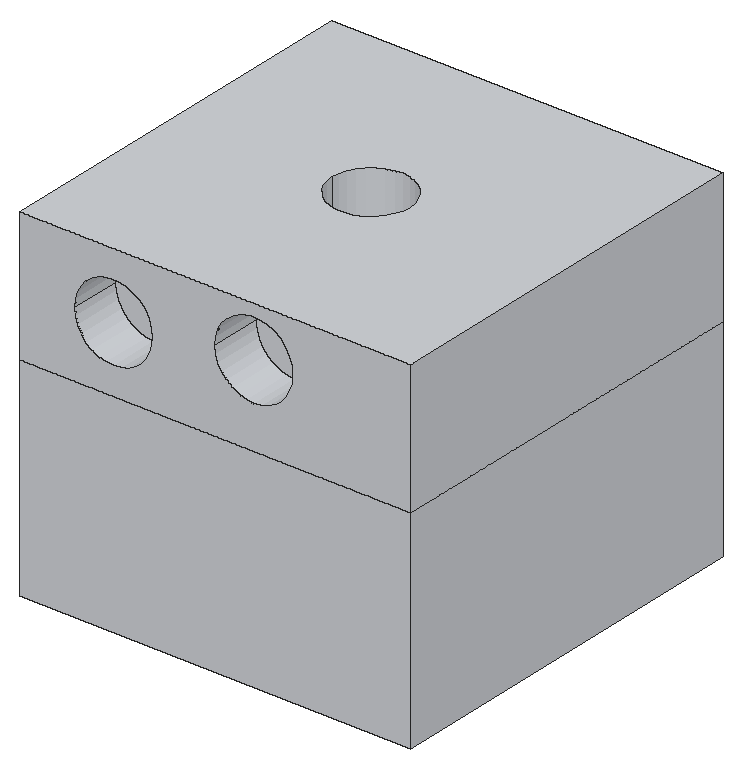
Revit family "pump1", category Generic Models, Revit 2022
Family settings
  Can host rebar = No
  Round Connector Dimension = Use Diameter
  Part Type = Normal
  Work Plane-Based = No
  Always vertical = Yes
  Cut with Voids When Loaded = No
  Maintain Annotation Orientation = No
  Shared = No
  Room Calculation Point = No
Parameters
  Default Elevation = 0' - 0"
Reference planes (in)
  plane 1 "Center (Front/Back)": y = 0
  plane 2: z = 0
  plane 3 "Center (Left/Right)": x = 0
Forms (in)
  Extrusion 1, solid
    sketch origin (0.48247, 6.7199, 0) x (1, 0, 0) y (0, 1, 0)
      loop
        line (-26.34155, -8.57067) -> (-23.84155, -8.57067) -> (-23.84155, -6.07067) -> (-26.34155, -6.07067) -> (-26.34155, -8.57067)
    from 0 to 1.35156
  Extrusion 2, solid
    sketch origin (0.48247, 6.7199, 1.35156) x (1, 0, 0) y (0, 1, 0)
      loop
        line (-26.34155, -6.07067) -> (-26.34155, -8.57067) -> (-23.84155, -8.57067) -> (-23.84155, -6.07067) -> (-26.34155, -6.07067)
    from 0 to 0.85156
  Extrusion 3, void
    sketch origin (-23.35908, -1.85077, 1.35156) x (1, 0, 0) y (0, 0, -1)
      loop
        circle (-1.9, -0.42578) r 0.25
      loop
        circle (-1, -0.52578) r 0.25
    from 0 to 0.32422
  Extrusion 4, void
    sketch origin (0.48247, 6.7199, 1.35156) x (1, 0, 0) y (0, 1, 0)
      loop
        circle (-25.09155, -7.32067) r 0.8
    from 0 to 0.28125
  Extrusion 5, void
    sketch origin (0.48247, 6.7199, 1.63281) x (1, 0, 0) y (0, 1, 0)
      loop
        circle (-25.09155, -7.32067) r 0.25
    from 0 to 0.57031
Cuts and joins
  Extrusion 3, Extrusion 4, Extrusion 5 cuts Extrusion 2
  Extrusion 4 cuts Extrusion 1
Dimensions and locks (in)
  aligned and locked: plane 2 to level
